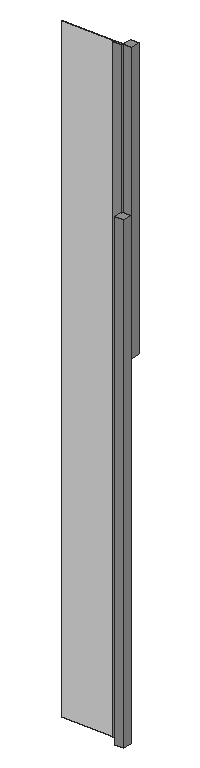
Revit family "STARC-REALWALL-FILLER", category Specialty Equipment, Revit 2014
Parameters (values of type "S1-FP")
  URL = "https://starcsystems.com/products/accessories/"
  Type Comments = "STARC SYSTEMS, INC REALWALL TEMPORARY CONTAINMENT SYSTEM FILLER PANEL"  # constant formula
  Model = "S1-FP"
  Manufacturer = "STARC SYSTEMS, INC."  # constant formula
  ICRA Class = "IV"  # constant formula
  Filler Width [instance] = if(Gap Width > 4' 0", 4' 0", (if(Gap Width < 0' 1 1/2", 0' 1 1/2", Gap Width)))  # 1' - 0"
  Wall Height = 9' - 0"
  Height = if(Wall Height > 10' 3", 10' 3", Wall Height)  # 9' - 0"
  Gap Width = 1' - 0"
  Description = "STARC SYSTEMS, INC REALWALL TEMPORARY CONTAINMENT SYSTEM FILLER PANEL"  # constant formula
  Copyright = "Copyright 2020 STARC Systems, Inc."  # constant formula
  Assembly Code = "F1030900"
  ASTM Standard = "E-84 CLASS A"  # constant formula
Reference planes (in)
  plane 1 "Center (Front/Back)": y = 0
  plane 2: z = 0
  plane 3 "Panel Edge": x = 0
  plane 4: z = 82
  plane 5 "TopPanelTop": z = 108
  plane 6 "TopPanelBottom": z = 59.71875
  plane 7: x = -12
  plane 8: y = 1.78125
  plane 9: y = -0.79688
  plane 10: y = 0.79687
  plane 11: y = 0.98437
  plane 12: y = 2.57812
  plane 13: y = 2.57812
  plane 14: x = -3
Forms (in)
  Extrusion 1, solid, material "STARC-Frame"
    sketch origin (0, -0.79687, 0) x (1, 0, 0) y (0, 1, 0)
      loop
        line (-3, 1.875) -> (-3, 1.5) -> (-1.5, 1.5) -> (-1.5, 1.875) -> (-3, 1.875)
    from 0 to 108
  Extrusion 2, solid, material "STARC-Frame"
    sketch origin (0, -0.79687, 0) x (1, 0, 0) y (0, 1, 0)
      loop
        line (-1.5, 1.59375) -> (-1.5, 0) -> (0, 0) -> (0, 1.59375) -> (-1.5, 1.59375)
    from 0 to 82
  Extrusion 3, solid, material "STARC-Frame"
    sketch origin (0, 0.98438, 0) x (1, 0, 0) y (0, 1, 0)
      loop
        line (-1.5, 1.59375) -> (-1.5, 0) -> (0, 0) -> (0, 1.59375) -> (-1.5, 1.59375)
    from 59.71875 to 108 <- "Height"
  Extrusion 4, solid, material "STARC-Infill"
    sketch origin (-1.75, -0.79687, 0) x (1, 0, 0) y (0, 1, 0)
      loop
        line (-10.25, 1.78125) -> (-10.25, 1.59375) -> (-1.25, 1.59375) -> (-1.25, 1.78125) -> (-10.25, 1.78125)
    from 0 to 108
Lines and regions (in)
  symbolic lines, style "SpecialityEquipmentHiddenLines"
    curve 1: line (-1.5, 2.25805, 0) -> (-1.5, 2.57812, 0)
    curve 2: line (-1.17992, 2.57812, 0) -> (-1.5, 2.57812, 0)
    curve 3: line (0, 2.25805, 0) -> (0, 2.57812, 0)
    curve 4: line (-0.32008, 2.57812, 0) -> (0, 2.57812, 0)
Dimensions and locks (in)
  locked: plane 4 to level at 82
  locked: plane 5 "TopPanelTop" to plane 6 "TopPanelBottom" at 48.28125
  "Height": plane 5 "TopPanelTop" to level
  plane 11 to plane 8 to plane 12 = 0' - 0 51/64" locked, 0' - 0 51/64" locked
  plane 9 to plane 10 = 0' - 1 19/32"
  locked: plane 13 to plane 9 at 3.375
  Extrusion 3 sketch curve to Extrusion 3 sketch curve = 0' - 1 1/2"
  Extrusion 2 sketch curve to plane 3 "Panel Edge" = 0' - 1 1/2"
  "Gap Width": plane 7 to plane 3 "Panel Edge"
  locked: plane 14 to Extrusion 3 at 1.5
  locked: Extrusion 1 sketch curve to plane 13 at 1.5
  locked: Extrusion 1 sketch curve to plane 9 at 1.5
  aligned and locked: plane 2 to level
  aligned and locked: Extrusion 1 to level
  aligned and locked: plane 4 to Extrusion 2
  aligned and locked: Extrusion 2 to level
  aligned and locked: Extrusion 3 to plane 6 "TopPanelBottom"
  aligned and locked: Extrusion 1 to Extrusion 3
  aligned and locked: plane 5 "TopPanelTop" to Extrusion 3
  aligned and locked: plane 6 "TopPanelBottom" to Extrusion 3
  aligned and locked: Extrusion 2 to plane 4
  aligned and locked: plane 5 "TopPanelTop" to Extrusion 1
  aligned and locked: level to Extrusion 1
  aligned and locked: Extrusion 4 to plane 7
  aligned and locked: Extrusion 1 sketch curve to Extrusion 2
  aligned and locked: plane 14 to Extrusion 1 sketch curve
  aligned and locked: Extrusion 4 to Extrusion 1
  aligned and locked: plane 5 "TopPanelTop" to Extrusion 4
Automatic sketch dimensions
  plane 12 to curve 1 = 0' - 0"
  plane 12 to curve 4 = 0' - 0"
  curve 3 to plane 3 "Panel Edge" = 0' - 0"
  curve 2 to curve 3 = 0' - 1 1/2"
  curve 4 to curve 3 = 0' - 0.32008"
  curve 1 to curve 2 = 0' - 0.32008"
  curve 1 to curve 1 = 0' - 0.32008"
  curve 3 to curve 3 = 0' - 0.32008"
  Extrusion 2 sketch curve to plane 3 "Panel Edge" = 0' - 0"
  plane 9 to Extrusion 2 sketch curve = 0' - 0"
  plane 10 to Extrusion 2 sketch curve = 0' - 0"
  plane 11 to Extrusion 3 sketch curve = 0' - 0"
  plane 12 to Extrusion 3 sketch curve = 0' - 0"
  Extrusion 3 sketch curve to plane 3 "Panel Edge" = 0' - 0"
  Extrusion 4 sketch curve to plane 7 = 0' - 0"
  plane 10 to Extrusion 4 sketch curve = 0' - 0"
  plane 11 to Extrusion 4 sketch curve = 0' - 0"
  Extrusion 4 sketch curve to plane 3 "Panel Edge" = 0' - 3"
